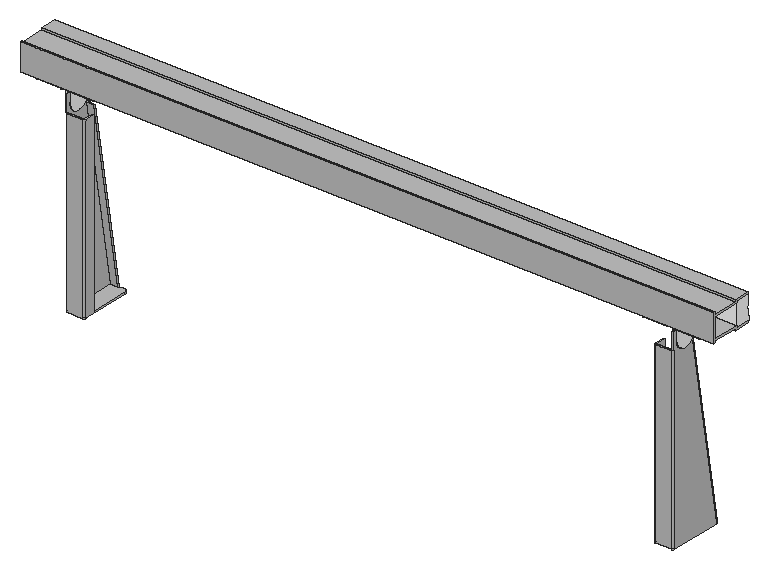
Revit family "4070755+4070746+4070772 Feilo Sylvania Lighting Fixture CURSUS 876MM 577LM WIDE LED 4K with CONTINUOUS WALL HOUSING with 250MM WALL BRACKET", category Lighting Fixtures, host Face, Revit 2017
Family settings
  Host = Face
  Round Connector Dimension = Use Diameter
  Part Type = Normal
  OmniClass Number = 23.80.70.14
  OmniClass Title = Luminaries for External Lighting
  Cut with Voids When Loaded = Yes
  Light Source = No
  Shared = No
  Room Calculation Point = No
Parameters (values of type "4070755 CURSUS 876MM 577LM WIDE LED 4K")
  Weight = "1.7 kg"
  Wattage Comments = "n/a"
  WarrantyStartDate [instance] = "n/a"
  WarrantyGuarantorParts = "n/a"
  WarrantyDurationUnit = "n/a"
  WarrantyDurationParts = "n/a"
  WarrantyDescription = "n/a"
  Voltage = 24 V
  URL = "http://www.sylvania-lighting.com"
  TypeName = "CURSUS 876MM 577LM WIDE LED 4K"
  TypeFixture_FEILO = CURSUS with CONTINUOUS WALL HOUSING : CURSUS 876MM 577LM WIDE LED 4K
  Type Image = <None>
  Type Comments = "n/a"
  TiltAngle [instance] = 0.00°
  StartAngle [instance] = TiltAngle + 270.00°  # 270.00°
  SerialNumber [instance] = "n/a"
  ReflectorMaterial = none
  PowerFactor = 0
  PowerConsumption = "13.5 W"
  NominalLength = 876 mm
  NominalHeight = 50 mm
  NominalDepth = 30 mm
  Name = "CURSUS 876MM 577LM WIDE LED 4K"
  ModelReference = Name  # "CURSUS 876MM 577LM WIDE LED 4K"
  ModelNumber = "4070755"
  Model = Name  # "CURSUS 876MM 577LM WIDE LED 4K"
  Material = "natural anodised extruded aluminium structure housing"
  ManufacturerName = "Feilo Sylvania"
  Manufacturer = "Feilo Sylvania"
  LuminousEfficacy = "42.74 lm/W"
  LuminaireType = ""
  LightOutputRatio = "100"
  LampsType = Lamp  # "LED"
  LampNominalLuminous = "577 lm"
  LampMacAdamStep = "n/a"
  LampColourTemperature = "4000 K"
  LampColourRenderingIndex = "80"
  Lamp = "LED"
  Keynote = "16500"
  InstallationDate [instance] = "n/a"
  InputVoltage = "24V DC"
  InputNominalFrequency = "n/a"
  IngressProtection = "IP67"
  ImpactProtectionIndex = "IK07"
  IfcExportType = "IfcLightFixtureType"
  IfcExportAs = "IfcLightFixtureType"
  ExpectedLife = 50000
  EndAngle [instance] = StartAngle - 180.00°  # 90.00°
  ElectricShockClassification = "Class III"
  DurationUnit = "hours"
  DocumentationLiterature = "http://www.sylvania-lighting.com/product/en-int/products/4070755"
  DimmingControlOptions = "n/a"
  DiffuserMaterial = Diffuser-Sylvania-Glow
  Description = "LED Exterior Lighting Recessed Surface Mounted Linear Fixture, Natural anodised extruded aluminium structure. Die-cast aluminium end caps. Installation kit with harmonic steel springs., 577 lm, 13,5W,  42lm/W, 4000K, CRI80+,non dimmable,IP67, IK07, (HxWxD) 876x50x30mm, 3 step Mac Adam Ellipse, 1.7kg,, Classe III, 21-25V-DC, energy class : A++, A+, A"
  Default Elevation = 1219.2 mm
  CreatedOn = "1/8/2018"
  CreatedBy = ""
  Cost = 0
  built-in parameter 1114216 [instance] = (empty or 0)
  ClassificationValue = "EF_70_80"
  ClassificationName = "Uniclass2015"
  BracketWidth = 24 mm
  BracketThickness = 2 mm
  BracketHeightEnd = 32 mm
  BracketHeight = 70 mm
  BracketFlange = BracketHeight / 5  # 14 mm
  BracketExtension = 250 mm
  BracketEndReduction = 25 mm
  BracketC = 22 mm  # constant formula
  BracketDistance = 745 mm
  BracketD = BracketHeightEnd - (BracketC * (BracketHeight - BracketHeightEnd) / (BracketExtension - BracketEndReduction))  # 28.284 mm
  BodyMaterial = Body-Sylvania-Gray
  BarCode [instance] = "n/a"
  AssetType = "Fixed"
  AssetIdentifier [instance] = "n/a"
  Assembly Code = "D5020200"
  Apparent Load = 13.5 VA
  AccessoryMaterial = Diffuser-Sylvania-Glow
Reference planes
  plane 1 "Center (Front/Back)": y = 0
  plane 2: z = 0
  plane 3 "Center (Left/Right)": x = 0
  plane 4: x = -384.5
  plane 5: x = 384.5
  plane 6: y = 70
  plane 7: x = -360.5
  plane 8: x = 360.5
  plane 9: z = 250
  plane 10: z = 236
  plane 11: z = 2
  plane 12: z = 225
  plane 13: x = -382.5
  plane 14: y = 68
  plane 15: y = 2
  plane 16: x = -362.5
  plane 17: x = 362.5
  plane 18: x = 382.5
  plane 19: x = -372.5
  plane 20: x = 372.5
  plane 21: y = 14
  plane 22: y = 32
  plane 23: y = 30
  plane 24: z = 247
  plane 25: y = 28.284
  plane 26: y = 16
Forms (mm)
  Blend 1, solid, material "Body-Sylvania-Gray" <- "BodyMaterial"
    base sketch origin (1223.4, -4572, 2) x (0, -1, 0) y (1, 0, 0)
      loop
        line (-4640, -1595.9) -> (-4642, -1595.9) -> (-4642, -1605.9)
        arc (-4642, -1605.9) -> (-4641.414, -1607.314) -> (-4640, -1607.9) r 2
        line (-4640, -1607.9) -> (-4574, -1607.9)
        arc (-4574, -1607.9) -> (-4572.586, -1607.314) -> (-4572, -1605.9) r 2
        line (-4572, -1605.9) -> (-4572, -1585.9)
        arc (-4572, -1585.9) -> (-4572.586, -1584.486) -> (-4574, -1583.9) r 2
        line (-4574, -1583.9) -> (-4586, -1583.9) -> (-4586, -1585.9) -> (-4574, -1585.9) -> (-4574, -1605.9) -> (-4640, -1605.9) -> (-4640, -1595.9)
    top sketch origin (1223.4, -4572, 2) x (0, -1, 0) y (1, 0, 0)
      loop
        line (-4586, -1585.9) -> (-4574, -1585.9) -> (-4574, -1605.9) -> (-4602, -1605.9) -> (-4602, -1595.9) -> (-4604, -1595.9) -> (-4604, -1605.9)
        arc (-4604, -1605.9) -> (-4603.52, -1607.21) -> (-4602.309, -1607.9) r 2.028
        line (-4602.309, -1607.9) -> (-4574, -1607.9)
        arc (-4574, -1607.9) -> (-4572.586, -1607.314) -> (-4572, -1605.9) r 2
        line (-4572, -1605.9) -> (-4572, -1585.9)
        arc (-4572, -1585.9) -> (-4572.586, -1584.486) -> (-4574, -1583.9) r 2
        line (-4574, -1583.9) -> (-4586, -1583.9) -> (-4586, -1585.9)
    from 0 to 223
  Extrusion 2, solid, material "Body-Sylvania-Gray" <- "BodyMaterial"
    sketch origin (0, 0, 0) x (1, 0, 0) y (0, 1, 0)
      loop
        arc (-382.5, 70) -> (-383.914, 69.414) -> (-384.5, 68) r 2
        line (-384.5, 68) -> (-384.5, 2)
        arc (-384.5, 2) -> (-383.914, 0.586) -> (-382.5, 0) r 2
        line (-382.5, 0) -> (-362.5, 0)
        arc (-362.5, 0) -> (-361.086, 0.586) -> (-360.5, 2) r 2
        line (-360.5, 2) -> (-360.5, 62.5)
        arc (-360.5, 62.5) -> (-362.697, 67.803) -> (-368, 70) r 7.5
        line (-368, 70) -> (-382.5, 70)
      loop
        line (382.5, 70) -> (368, 70)
        arc (368, 70) -> (362.697, 67.803) -> (360.5, 62.5) r 7.5
        line (360.5, 62.5) -> (360.5, 2)
        arc (360.5, 2) -> (361.086, 0.586) -> (362.5, 0) r 2
        line (362.5, 0) -> (382.5, 0)
        arc (382.5, 0) -> (383.914, 0.586) -> (384.5, 2) r 2
        line (384.5, 2) -> (384.5, 68)
        arc (384.5, 68) -> (383.914, 69.414) -> (382.5, 70) r 2
    from 0 to 2
  Blend 3, solid, material "Body-Sylvania-Gray" <- "BodyMaterial"
    base sketch origin (1223.4, -4572, 2) x (0, -1, 0) y (1, 0, 0)
      loop
        line (-4640, -840.9) -> (-4574, -840.9) -> (-4574, -860.9) -> (-4586, -860.9) -> (-4586, -862.9) -> (-4574, -862.9)
        arc (-4574, -862.9) -> (-4572.586, -862.314) -> (-4572, -860.9) r 2
        line (-4572, -860.9) -> (-4572, -840.9)
        arc (-4572, -840.9) -> (-4572.586, -839.486) -> (-4574, -838.9) r 2
        line (-4574, -838.9) -> (-4640, -838.9)
        arc (-4640, -838.9) -> (-4641.414, -839.486) -> (-4642, -840.9) r 2
        line (-4642, -840.9) -> (-4642, -850.9) -> (-4640, -850.9) -> (-4640, -840.9)
    top sketch origin (1223.4, -4572, 2) x (0, -1, 0) y (1, 0, 0)
      loop
        line (-4602, -850.9) -> (-4602, -840.9) -> (-4574, -840.9) -> (-4574, -860.9) -> (-4586, -860.9) -> (-4586, -862.9) -> (-4574, -862.9)
        arc (-4574, -862.9) -> (-4572.586, -862.314) -> (-4572, -860.9) r 2
        line (-4572, -860.9) -> (-4572, -840.9)
        arc (-4572, -840.9) -> (-4572.586, -839.486) -> (-4574, -838.9) r 2
        line (-4574, -838.9) -> (-4602, -838.9)
        arc (-4602, -838.9) -> (-4603.414, -839.486) -> (-4604, -840.9) r 2
        line (-4604, -840.9) -> (-4604, -850.9) -> (-4602, -850.9)
    from 0 to 223
  Blend 4, solid, material "Body-Sylvania-Gray" <- "BodyMaterial"
    base sketch origin (1223.4, -4572, 225) x (0, -1, 0) y (1, 0, 0)
      loop
        line (-4604, -1607.9) -> (-4572, -1607.9) -> (-4572, -1605.9) -> (-4604, -1605.9) -> (-4604, -1607.9)
    top sketch origin (1223.4, -4572, 225) x (0, -1, 0) y (1, 0, 0)
      loop
        line (-4572, -1607.9) -> (-4572, -1605.9) -> (-4600.284, -1605.9) -> (-4600.284, -1607.9) -> (-4572, -1607.9)
    from 0 to 22
  Blend 5, solid, material "Body-Sylvania-Gray" <- "BodyMaterial"
    base sketch origin (1223.4, -4572, 225) x (0, -1, 0) y (1, 0, 0)
      loop
        line (-4604, -840.9) -> (-4572, -840.9) -> (-4572, -838.9) -> (-4604, -838.9) -> (-4604, -840.9)
    top sketch origin (1223.4, -4572, 225) x (0, -1, 0) y (1, 0, 0)
      loop
        line (-4572, -838.9) -> (-4600.284, -838.9) -> (-4600.284, -840.9) -> (-4572, -840.9) -> (-4572, -838.9)
    from 0 to 22
  Extrusion 6, void
    sketch origin (0, 0, 0) x (0, 1, 0) y (0, 0, 1)
      loop
        line (0, 225) -> (2, 225) -> (2, 226.5) -> (0, 226.5) -> (0, 225)
      loop
        line (32, 225) -> (32, 226.5) -> (30, 226.5) -> (30, 225) -> (32, 225)
    from -384.5 to 384.5
  Revolve 7, solid, not visible
    sketch origin (1524, 16, 1219.2) x (1, 0, 0) y (0, 0, 1)
      loop
        line (-1524, -972.2) -> (-1524, -983.2) -> (-1151.5, -983.2) -> (-1151.5, -972.2) -> (-1524, -972.2)
      axis (-1151.5, -983.2) -> (-1524, -983.2)
    angle from 270 <- "StartAngle" to 90 <- "EndAngle"
Cuts and joins
  Extrusion 6 cuts Blend 4
  Extrusion 6 cuts Blend 5
  joined: Blend 1, Extrusion 2, Blend 3, Blend 4, Blend 5
Lines and regions (mm)
  reference lines, not visible
    curve 1: line (-360.5, 16, 236) -> (360.5, 16, 236)
Dimensions and locks
  equal spacing: plane 4, plane 3 "Center (Left/Right)", plane 5
  "BracketDistance": plane 19 to plane 20
  "BracketHeight": plane 1 "Center (Front/Back)" to plane 6
  equal spacing: plane 7, plane 3 "Center (Left/Right)", plane 8
  "BracketWidth": plane 4 to plane 7
  "BracketExtension": plane 9 to plane 2
  "BracketThickness": plane 11 to plane 2
  "BracketEndReduction": plane 9 to plane 12
  equal spacing: plane 13, plane 3 "Center (Left/Right)", plane 18
  equal spacing: plane 16, plane 3 "Center (Left/Right)", plane 17
  "BracketThickness": plane 4 to plane 13
  "BracketThickness": plane 16 to plane 7
  "BracketThickness": plane 14 to plane 6
  "BracketThickness": plane 1 "Center (Front/Back)" to plane 15
  equal spacing: plane 4, plane 19, plane 7
  equal spacing: plane 8, plane 20, plane 5
  "BracketFlange": plane 1 "Center (Front/Back)" to plane 21
  "BracketHeightEnd": plane 1 "Center (Front/Back)" to plane 22
  "BracketThickness": plane 23 to plane 22
  locked: Extrusion 2 sketch curve to plane 7 at 7.5
  locked: Extrusion 2 sketch curve to plane 6 at 7.5  (x2)
  locked: plane 8 to Extrusion 2 sketch curve at 7.5
  "BracketC": plane 24 to plane 12
  "BracketD": plane 1 "Center (Front/Back)" to plane 25
  locked: plane 12 to Extrusion 6 sketch curve at 1.5
  equal spacing: plane 24, plane 10, plane 12
  equal spacing: plane 1 "Center (Front/Back)", plane 26, plane 22
  aligned and locked: plane 2 to host face
  aligned and locked: level to host face
  aligned and locked: plane 4 to Blend 1 sketch curve  (x2)
  aligned and locked: plane 13 to Blend 1 sketch curve  (x3)
  aligned and locked: Blend 1 sketch curve to plane 15
  aligned and locked: Blend 1 sketch curve to plane 16
  aligned and locked: Blend 1 sketch curve to plane 21
  aligned and locked: plane 7 to Blend 1 sketch curve
  aligned and locked: plane 16 to Blend 1 sketch curve
  aligned and locked: plane 1 "Center (Front/Back)" to Blend 1 sketch curve
  aligned and locked: plane 14 to Blend 1 sketch curve
  aligned and locked: Blend 1 sketch curve to var sketch  (x6)
  aligned and locked: Blend 1 sketch curve to plane 19
  aligned and locked: Blend 1 sketch curve to plane 22
  aligned and locked: plane 23 to Blend 1 sketch curve
  aligned and locked: plane 11 to Blend 1
  aligned and locked: Extrusion 2 sketch curve to Blend 1  (x3)
  aligned and locked: Extrusion 2 to level
  aligned and locked: Extrusion 2 to plane 11
  aligned and locked: Extrusion 2 sketch curve to plane 7
  aligned and locked: plane 18 to Blend 3 sketch curve  (x4)
  aligned and locked: plane 14 to Blend 3 sketch curve  (x2)
  aligned and locked: Blend 3 sketch curve to plane 20
  aligned and locked: Blend 3 sketch curve to plane 6
  aligned and locked: plane 5 to Blend 3 sketch curve
  aligned and locked: plane 1 "Center (Front/Back)" to Blend 3 sketch curve
  aligned and locked: plane 15 to Blend 3 sketch curve  (x2)
  aligned and locked: Blend 3 sketch curve to plane 8
  aligned and locked: Blend 3 sketch curve to plane 21
  aligned and locked: plane 17 to Blend 3 sketch curve
  aligned and locked: Blend 3 sketch curve to plane 18
  aligned and locked: plane 20 to Blend 3 sketch curve  (x2)
  aligned and locked: Blend 3 sketch curve to plane 23
  aligned and locked: Blend 3 sketch curve to var sketch  (x8)
  aligned and locked: var sketch to Blend 3 sketch curve
  aligned and locked: plane 22 to Blend 3 sketch curve
  aligned and locked: plane 11 to Blend 3
  aligned and locked: Extrusion 2 sketch curve to Blend 3  (x4)
  aligned and locked: Blend 1 to plane 12
  aligned and locked: Blend 3 to plane 12
  aligned and locked: Blend 4 sketch curve to plane 22
  aligned and locked: Blend 4 sketch curve to cut or joined group of Blend 1, Extrusion 2, Blend 3, Blend 4, Blend 5, Extrusion 6  (x2)
  aligned and locked: cut or joined group of Blend 1, Extrusion 2, Blend 3, Blend 4, Blend 5, Extrusion 6 to Blend 4 sketch curve
  aligned and locked: Blend 4 sketch curve to var sketch  (x2)
  aligned and locked: Blend 4 sketch curve to plane 13
  aligned and locked: Blend 4 to plane 24
  aligned and locked: Blend 4 sketch curve to plane 25
  aligned and locked: Blend 5 sketch curve to plane 18  (x2)
  aligned and locked: plane 1 "Center (Front/Back)" to Blend 5 sketch curve
  aligned and locked: plane 5 to Blend 5 sketch curve
  aligned and locked: plane 22 to Blend 5 sketch curve
  aligned and locked: Blend 5 sketch curve to var sketch
  aligned and locked: var sketch to Blend 5 sketch curve
  aligned and locked: Blend 5 sketch curve to plane 25
  aligned and locked: Blend 5 to plane 24
  aligned and locked: plane 12 to Blend 5
  aligned and locked: Extrusion 6 sketch curve to cut or joined group of Blend 1, Extrusion 2, Blend 3, Blend 4, Blend 5, Extrusion 6  (x2)
  aligned and locked: Extrusion 6 sketch curve to Extrusion 6 sketch curve
  aligned and locked: Extrusion 6 sketch curve to plane 15
  aligned and locked: plane 5 to Extrusion 6
  aligned and locked: Extrusion 6 to plane 4
  aligned and locked: Extrusion 6 sketch curve to plane 23
  aligned and locked: Revolve 7 sketch curve to plane 10  (x2)
  aligned and locked: plane 24 to Revolve 7 sketch curve
  aligned and locked: plane 3 "Center (Left/Right)" to Revolve 7 sketch curve
  aligned and locked: Revolve 7 sketch curve to plane 20
  aligned and locked: plane 7 to curve 1
  aligned and locked: plane 10 to curve 1
  aligned and locked: nested 1 to plane 5
  aligned and locked: nested 2 to plane 4
  aligned and locked: nested 1 to curve 1
  aligned and locked: nested 2 to curve 1
  aligned and locked: nested 3 to plane 3 "Center (Left/Right)"
  aligned and locked: nested 1 to nested 3
Automatic sketch dimensions
  host sketch curve to host sketch curve = 2438.4 mm  (x2)
  Blend 1 sketch curve to plane 13 = 0 mm
  plane 15 to Blend 1 sketch curve = 0 mm  (x3)
  Blend 1 sketch curve to plane 23 = 0.309 mm
  plane 6 to Blend 1 sketch curve = 0 mm
  plane 14 to Blend 1 sketch curve = 0 mm
  Blend 1 sketch curve to plane 19 = 0 mm
  Blend 3 sketch curve to plane 17 = 0 mm
  Extrusion 6 sketch curve to plane 1 "Center (Front/Back)" = 0 mm
  plane 12 to Extrusion 6 sketch curve = 0 mm
  Revolve 7 sketch curve to plane 4 = 1153 mm
  plane 5 to Revolve 7 sketch curve = 1161.4 mm
  curve 1 to plane 8 = 0 mm
Nested families
  nested 1: "MountingPlate" at (383.5, 16, 236) x (-1, 0, 0) z (0, 0, 1), type "MountingPlate"
  nested 2: "MountingPlate" at (-383.5, 16, 236) x (-1, 0, 0) z (0, 0, 1), type "MountingPlate"
  nested 3: "CURSUS with CONTINUOUS WALL HOUSING" at (0, -4, 254) x (-1, 0, 0) z (0, 0, 1), type <- "TypeFixture_FEILO", type "CURSUS 876MM 577LM WIDE LED 4K"
    with WarrantyStartDate "n/a", SerialNumber "n/a", InstallationDate "n/a", EndCapRight no, EndCapLeft no, built-in parameter 1114216 (empty or 0), BarCode "n/a", AssetIdentifier "n/a"
Connectors
  electrical at (0, 0, 0), driven by "Voltage", driven by "Apparent Load", driven by "PowerFactor"
    settings: index 1, voltage 24 V, apparent load 13.5 VA, apparent load phase1 0 VA, apparent load phase2 0 VA, apparent load phase3 0 VA, power factor 0, load classification "Other", number of poles 1, system type 30, power factor state 1, is connector primary yes, connector utility no, sub classification motor no, connector description ""
Definition of nested family "MountingPlate"
  Parameters (values of type "MountingPlate")
    URL = "http://www.feilosylvania.com"
    Type Comments = "n/a"
    ReflectorMaterial = none
    MountingPlateWidth = 76 mm
    MountingPlateThickness = 2 mm
    MountingPlateRadiusBack = 12 mm
    MountingPlateRadius = 3 mm
    MountingPlateHeight = 35 mm
    Model = "n/a"
    Manufacturer = "Feilo Sylvania"
    Keynote = "n/a"
    DiffuserMaterial = none
    Description = "n/a"
    Default Elevation = 1219.2 mm
    Cost = 0
    BodyMaterial = none
    Assembly Code = "n/a"
    AccessoryMaterial = none
  Reference planes
    plane 1 "Center (Front/Back)": y = 0
    plane 2: z = 0
    plane 3 "Center (Left/Right)": x = 0
    plane 4: x = -38
    plane 5: x = 38
    plane 6: y = 17.5
    plane 7: y = -17.5
    plane 8: x = -3
    plane 9: x = 3
    plane 10: z = 18
    plane 11: z = 16
    plane 12: y = 12.5
    plane 13: y = -12.5
    plane 14: x = -1
    plane 15: x = 1
    plane 16: z = -12.5
    plane 17: z = -14.5
  Forms (mm)
    Extrusion 1, solid
      sketch origin (1.653, 0, 0) x (1, 0, 0) y (0, 1, 0)
        loop
          line (-1219.2, 1219.2) -> (-1219.2, -1219.2) -> (1219.2, -1219.2) -> (1219.2, 1219.2) -> (-1219.2, 1219.2)
      from 0 to -304.8
    Extrusion 2, solid, material <- "BodyMaterial"
      sketch origin (1218.4, -4572, 16) x (0, -1, 0) y (-1, 0, 0)
        loop
          line (-4589.5, 1253.4) -> (-4589.5, 1224.4)
          arc (-4589.5, 1224.4) -> (-4588.621, 1222.279) -> (-4586.5, 1221.4) r 3
          line (-4586.5, 1221.4) -> (-4557.5, 1221.4)
          arc (-4557.5, 1221.4) -> (-4555.379, 1222.279) -> (-4554.5, 1224.4) r 3
          line (-4554.5, 1224.4) -> (-4554.5, 1253.4)
          arc (-4554.5, 1253.4) -> (-4555.379, 1255.521) -> (-4557.5, 1256.4) r 3
          line (-4557.5, 1256.4) -> (-4586.5, 1256.4)
          arc (-4586.5, 1256.4) -> (-4588.621, 1255.521) -> (-4589.5, 1253.4) r 3
        loop
          arc (-4589.5, 1183.4) -> (-4588.621, 1181.279) -> (-4586.5, 1180.4) r 3
          line (-4586.5, 1180.4) -> (-4557.5, 1180.4)
          arc (-4557.5, 1180.4) -> (-4555.379, 1181.279) -> (-4554.5, 1183.4) r 3
          line (-4554.5, 1183.4) -> (-4554.5, 1212.4)
          arc (-4554.5, 1212.4) -> (-4555.379, 1214.521) -> (-4557.5, 1215.4) r 3
          line (-4557.5, 1215.4) -> (-4586.5, 1215.4)
          arc (-4586.5, 1215.4) -> (-4588.621, 1214.521) -> (-4589.5, 1212.4) r 3
          line (-4589.5, 1212.4) -> (-4589.5, 1183.4)
      from 0 to -2
    Extrusion 3, solid, material <- "BodyMaterial"
      sketch origin (0, 0, 0) x (1, 0, 0) y (0, 0, 1)
        loop
          line (-3, 18) -> (-3, -12.5) -> (-1, -12.5) -> (-1, 16)
          arc (-1, 16) -> (-1.586, 17.414) -> (-3, 18) r 2
        loop
          line (3, -12.5) -> (3, 18)
          arc (3, 18) -> (1.586, 17.414) -> (1, 16) r 2
          line (1, 16) -> (1, -12.5) -> (3, -12.5)
      from -12.5 to 12.5
    Extrusion 4, void
      sketch origin (0, 0, 0) x (0, 1, 0) y (0, 0, 1)
        loop
          line (-12.5, -0.5) -> (-17.5, -0.5) -> (-17.5, -14.5) -> (-0.5, -14.5) -> (-0.5, -12.5)
          arc (-0.5, -12.5) -> (-8.985, -8.985) -> (-12.5, -0.5) r 12
        loop
          line (0.5, -12.5) -> (0.5, -14.5) -> (17.5, -14.5) -> (17.5, -0.5) -> (12.5, -0.5)
          arc (12.5, -0.5) -> (8.985, -8.985) -> (0.5, -12.5) r 12
      from -3 to 3
  Cuts and joins
    Extrusion 4 cuts Extrusion 2
    Extrusion 4 cuts Extrusion 3
    joined: Extrusion 2, Extrusion 3
  Lines and regions (mm)
    reference lines
      curve 1: line (-38, 0, 0) -> (38, 0, 0)
  Dimensions and locks
    equal spacing: plane 4, plane 3 "Center (Left/Right)", plane 5
    "MountingPlateWidth": plane 4 to plane 5
    equal spacing: plane 7, plane 1 "Center (Front/Back)", plane 6
    "MountingPlateHeight": plane 7 to plane 6
    equal spacing: plane 8, plane 3 "Center (Left/Right)", plane 9
    "MountingPlateHeight": plane 4 to plane 8
    locked: plane 10 to plane 2 at 18
    "MountingPlateThickness": plane 10 to plane 11
    equal spacing: plane 13, plane 1 "Center (Front/Back)", plane 12
    locked: plane 13 to plane 12 at 25
    "MountingPlateRadius": plane 4 to Extrusion 2 sketch curve  (x2)
    "MountingPlateRadius": Extrusion 2 sketch curve to plane 6  (x4)
    "MountingPlateRadius": Extrusion 2 sketch curve to plane 8  (x2)
    "MountingPlateRadius": plane 7 to Extrusion 2 sketch curve  (x4)
    "MountingPlateRadius": plane 9 to Extrusion 2 sketch curve  (x2)
    "MountingPlateRadius": Extrusion 2 sketch curve to plane 5  (x2)
    equal spacing: plane 15, plane 3 "Center (Left/Right)", plane 14
    "MountingPlateThickness": plane 14 to plane 8
    locked: plane 2 to plane 16 at 12.5
    locked: plane 17 to plane 16 at 2
    "MountingPlateRadiusBack": plane 13 to Extrusion 4 sketch curve
    "MountingPlateRadiusBack": plane 16 to Extrusion 4 sketch curve  (x2)
    "MountingPlateRadiusBack": Extrusion 4 sketch curve to plane 12
    aligned and locked: plane 2 to Extrusion 1
    aligned and locked: level to Extrusion 1
    aligned and locked: Extrusion 2 sketch curve to plane 6
    aligned and locked: Extrusion 2 sketch curve to plane 4
    aligned and locked: plane 7 to Extrusion 2 sketch curve
    aligned and locked: plane 8 to Extrusion 2 sketch curve
    aligned and locked: plane 6 to Extrusion 2 sketch curve
    aligned and locked: Extrusion 2 sketch curve to plane 5
    aligned and locked: Extrusion 2 sketch curve to plane 7
    aligned and locked: plane 9 to Extrusion 2 sketch curve
    aligned and locked: Extrusion 2 to plane 10
    aligned and locked: plane 11 to Extrusion 2
    aligned and locked: Extrusion 3 sketch curve to Extrusion 2  (x2)
    aligned and locked: plane 16 to Extrusion 3 sketch curve  (x2)
    aligned and locked: plane 14 to Extrusion 3 sketch curve
    aligned and locked: plane 9 to Extrusion 3 sketch curve
    aligned and locked: plane 15 to Extrusion 3 sketch curve
    aligned and locked: Extrusion 3 to plane 12
    aligned and locked: plane 13 to Extrusion 3
    aligned and locked: plane 17 to Extrusion 4 sketch curve  (x2)
    aligned and locked: Extrusion 4 sketch curve to plane 7
    aligned and locked: Extrusion 4 sketch curve to plane 6
    aligned and locked: plane 9 to Extrusion 4
    aligned and locked: Extrusion 4 to plane 8
    aligned and locked: plane 4 to curve 1
    aligned and locked: curve 1 to level
  Automatic sketch dimensions
    Extrusion 1 sketch curve to Extrusion 1 sketch curve = 2438.4 mm  (x2)
    Extrusion 3 sketch curve to plane 11 = 0 mm
    curve 1 to plane 5 = 0 mm
    Extrusion 4 sketch curve to plane 13 = 0 mm
    Extrusion 4 sketch curve to plane 12 = 0 mm
Definition of nested family "CURSUS with CONTINUOUS WALL HOUSING"
  Parameters (values of type "CURSUS 1161MM 827LM OVAL LED 3K")
    Width_FEILO = 35 mm
    Weight = "2.2 kg"
    Wattage Comments = "n/a"
    Wattage = 18 W
    WarrantyStartDate [instance] = "n/a"
    WarrantyGuarantorParts = "n/a"
    WarrantyDurationUnit = "n/a"
    WarrantyDurationParts = "n/a"
    WarrantyDescription = "n/a"
    WallThickness_FEILO = 2.5 mm
    built-in parameter 1150110 = 1 (stored number, unit not read)
    Voltage = 24 V
    URL = "http://www.feilosylvania.com"
    TypeName = "CURSUS 1161MM 827LM OVAL LED 3K"
    Type Image = (empty or 0)
    Type Comments = "n/a"
    built-in parameter 1114217 = 1 (stored number, unit not read)
    Tilt Angle = -90.00°
    built-in parameter 1150109 = 1 (stored number, unit not read)
    built-in parameter 1150134 = (empty or 0)
    built-in parameter 1150113 = 1 (stored number, unit not read)
    SerialNumber [instance] = "n/a"
    ReflectorMaterial = none
    PowerFactor = 0
    PowerConsumption = "18 W"
    Photometric Web File = "4070765.ies"
    NominalLength = 1161 mm
    NominalHeight = 50 mm
    NominalDepth = 30 mm
    Name = "CURSUS 1161MM 827LM OVAL LED 3K"
    ModelReference = Name  # "CURSUS 1161MM 827LM OVAL LED 3K"
    ModelNumber = ""
    Model = Name  # "CURSUS 1161MM 827LM OVAL LED 3K"
    Material = "natural anodised extruded aluminium structure housing, optical system with pmma lenses diffuser"
    ManufacturerName = "Feilo Sylvania"
    Manufacturer = "Feilo Sylvania"
    LuminousEfficacy = "45.94 lm/W"
    built-in parameter 1150105 = 65.811 (stored number, unit not read)
    Lumens = 827 lm
    LuminaireType = ""
    built-in parameter 1150115 = 1 (stored number, unit not read)
    LightOutputRatio = "100"
    built-in parameter 1150137 = (empty or 0)
    built-in parameter 1150139 = (empty or 0)
    Length_FEILO = 1167 mm
    LampsType = Lamp  # "LED"
    LampNominalLuminous = "827 lm"
    LampMacAdamStep = "n/a"
    LampColourTemperature = "3000 K"
    LampColourRenderingIndex = "80"
    built-in parameter 1150112 = 1 (stored number, unit not read)
    built-in parameter 1150114 = 1 (stored number, unit not read)
    Lamp = "LED"
    Keynote = "16500"
    InstallationDate [instance] = "n/a"
    InputVoltage = "24V DC"
    InputNominalFrequency = "n/a"
    built-in parameter 1150132 = (empty or 0)
    built-in parameter 1150102 = (empty or 0)
    built-in parameter 1150107 = 3000 (stored number, unit not read)
    built-in parameter 1150138 = (empty or 0)
    IngressProtection = "IP67"
    ImpactProtectionIndex = "IK07"
    built-in parameter 1150106 = 0.65811 (stored number, unit not read)
    IfcExportType = "IfcLightFixtureType"
    IfcExportAs = "IfcLightFixtureType"
    ExpectedLife = 50000
    EndCapRight [instance] = no
    EndCapLeft [instance] = no
    Emit from Rectangle Width = Width_FEILO - WallThickness_FEILO * 2  # 30 mm
    Emit from Rectangle Length = Length_FEILO - WallThickness_FEILO * 2  # 1162 mm
    Emit Shape Visible in Rendering = no
    ElectricShockClassification = "Class III"
    built-in parameter 1150104 = 4.2684 (stored number, unit not read)
    DurationUnit = "hours"
    DocumentationLiterature = "http://www.feilosylvania.com/product/en-int/products/4070765"
    DimmingControlOptions = "n/a"
    Dimming Lamp Color Temperature Shift = (empty or 0)
    DiffuserMaterial = none
    Description = "LED Exterior Lighting Recessed Surface Mounted Linear Fixture, Natural anodised extruded aluminium structure. Die-cast aluminium end caps. Installation kit with harmonic steel springs., 827 lm, 18W, 45lm/W, 3000K, CRI80+,non dimmable,IP67, IK07, (HxWxD) 1161x50x30mm, 3 step Mac Adam Ellipse, 2.2kg,, Classe III, 21-25V-DC, energy class : A++, A+, A"
    Default Elevation = 1219.2 mm
    CreatedOn = "1/8/2018"
    CreatedBy = "aron.fodor@feilosylvania.com"
    Cost = 0
    Color Filter = 16777215
    built-in parameter 1114216 [instance] = (empty or 0)
    ClassificationValue = "EF_70_80"
    ClassificationName = "Uniclass2015"
    BodyMaterial = none
    BarCode [instance] = "n/a"
    built-in parameter 1114218 = 1 (stored number, unit not read)
    built-in parameter 1150133 = 10 (stored number, unit not read)
    AssetType = "Fixed"
    AssetIdentifier [instance] = "n/a"
    Assembly Code = "D5020200"
    Apparent Load = 18 VA
    AccessoryMaterial = none
  Types (16, lengths in mm): name | Weight | Wattage | Voltage | TypeName | built-in parameter 1150134 | PowerConsumption | Photometric Web File | NominalLength | Name | ModelReference | Model | Material | LuminousEfficacy | built-in parameter 1150105 | Lumens | Length_FEILO | LampNominalLuminous | LampColourTemperature | InputVoltage | InputNominalFrequency | built-in parameter 1150107 | built-in parameter 1150106 | Emit from Rectangle Length | built-in parameter 1150104 | DocumentationLiterature | Description | Apparent Load
    CURSUS 1161MM 827LM OVAL LED 3K | "2.2 kg" | 18 W | 24 V | "CURSUS 1161MM 827LM OVAL LED 3K" | (empty or 0) | "18 W" | "4070765.ies" | 1161 | "CURSUS 1161MM 827LM OVAL LED 3K" | "CURSUS 1161MM 827LM OVAL LED 3K" | "CURSUS 1161MM 827LM OVAL LED 3K" | "natural anodised extruded aluminium structure housing, optical system with pmma lenses diffuser" | "45.94 lm/W" | 65.811 (stored number, unit not read) | 827 lm | 1167 | "827 lm" | "3000 K" | "24V DC" | "n/a" | 3000 (stored number, unit not read) | 0.65811 (stored number, unit not read) | 1162 | 4.2684 (stored number, unit not read) | "http://www.feilosylvania.com/product/en-int/products/4070765" | "LED Exterior Lighting Recessed Surface Mounted Linear Fixture, Natural anodised extruded aluminium structure. Die-cast aluminium end caps. Installation kit with harmonic steel springs., 827 lm, 18W, 45lm/W, 3000K, CRI80+,non dimmable,IP67, IK07, (HxWxD) 1161x50x30mm, 3 step Mac Adam Ellipse, 2.2kg,, Classe III, 21-25V-DC, energy class : A++, A+, A" | 18 VA
    CURSUS 1161MM 731LM WIDE LED 3K | "2.2 kg" | 18 W | 230 V | "CURSUS 1161MM 731LM WIDE LED 3K" | (empty or 0) | "18 W" | "4070764.ies" | 1161 | "CURSUS 1161MM 731LM WIDE LED 3K" | "CURSUS 1161MM 731LM WIDE LED 3K" | "CURSUS 1161MM 731LM WIDE LED 3K" | "natural anodised extruded aluminium structure housing" | "40.61 lm/W" | 58.171 (stored number, unit not read) | 731 lm | 1167 | "731 lm" | "3000 K" | "220-240V~" | "n/a" | 3000 (stored number, unit not read) | 0.58171 (stored number, unit not read) | 1162 | 3.7729 (stored number, unit not read) | "http://www.feilosylvania.com/product/en-int/products/4070764" | "LED Exterior Lighting Recessed Surface Mounted Linear Fixture, Natural anodised extruded aluminium structure. Die-cast aluminium end caps. Installation kit with harmonic steel springs., 731 lm, 18W, 40lm/W, 3000K, CRI80+,non dimmable,IP67, IK07, (HxWxD) 1161x50x30mm, 3 step Mac Adam Ellipse, 2.2kg,, Classe III, 21-25V-DC, energy class : A++, A+, A" | 18 VA
    CURSUS 1161MM 871LM OVAL LED 4K | "2.2 kg" | 18 W | 24 V | "CURSUS 1161MM 871LM OVAL LED 4K" | 12 | "18 W" | "4070763.ies" | 1161 | "CURSUS 1161MM 871LM OVAL LED 4K" | "CURSUS 1161MM 871LM OVAL LED 4K" | "CURSUS 1161MM 871LM OVAL LED 4K" | "natural anodised extruded aluminium structure housing, optical system with pmma lenses diffuser" | "48.38 lm/W" | 69.312 (stored number, unit not read) | 871 lm | 1167 | "871 lm" | "4000 K" | "24V DC" | "50/60 Hz" | 4000 (stored number, unit not read) | 0.69312 (stored number, unit not read) | 1162 | 4.4955 (stored number, unit not read) | "http://www.feilosylvania.com/product/en-int/products/4070763" | "LED Exterior Lighting Recessed Surface Mounted Linear Fixture, Natural anodised extruded aluminium structure. Die-cast aluminium end caps. Installation kit with harmonic steel springs., 871 lm, 18W,  48lm/W, 4000K, CRI80+,non dimmable,IP67, IK07, (HxWxD) 1161x50x30mm, 3 step Mac Adam Ellipse, 2.2kg,, Classe III, 21-25V-DC, energy class : A++, A+, A" | 18 VA
    CURSUS 1161MM 770LM WIDE LED 4K | "2.2 kg" | 18 W | 230 V | "CURSUS 1161MM 770LM WIDE LED 4K" | 12 | "18 W" | "4070762.ies" | 1161 | "CURSUS 1161MM 770LM WIDE LED 4K" | "CURSUS 1161MM 770LM WIDE LED 4K" | "CURSUS 1161MM 770LM WIDE LED 4K" | "natural anodised extruded aluminium structure housing" | "42.77 lm/W" | 61.275 (stored number, unit not read) | 770 lm | 1167 | "770 lm" | "4000 K" | "220-240V~" | "n/a" | 4000 (stored number, unit not read) | 0.61275 (stored number, unit not read) | 1162 | 3.9742 (stored number, unit not read) | "http://www.feilosylvania.com/product/en-int/products/4070762" | "LED Exterior Lighting Recessed Surface Mounted Linear Fixture, Natural anodised extruded aluminium structure. Die-cast aluminium end caps. Installation kit with harmonic steel springs., 770 lm, 18W,  42lm/W, 4000K, CRI80+,non dimmable,IP67, IK07, (HxWxD) 1161x50x30mm, 3 step Mac Adam Ellipse, 2.2kg,, Classe III, 21-25V-DC, energy class : A++, A+, A" | 18 VA
    CURSUS 876MM 620LM OVAL LED 3K | "1.7 kg" | 13.5 W | 24 V | "CURSUS 876MM 620LM OVAL LED 3K" | (empty or 0) | "13.5 W" | "4070758.ies" | 876 | "CURSUS 876MM 620LM OVAL LED 3K" | "CURSUS 876MM 620LM OVAL LED 3K" | "CURSUS 876MM 620LM OVAL LED 3K" | "natural anodised extruded aluminium structure housing, optical system with pmma lenses diffuser" | "45.92 lm/W" | 49.338 (stored number, unit not read) | 620 lm | 882 | "620 lm" | "3000 K" | "24V DC" | "50/60 Hz" | 3000 (stored number, unit not read) | 0.49338 (stored number, unit not read) | 877 | 4.2667 (stored number, unit not read) | "http://www.feilosylvania.com/product/en-int/products/4070758" | "LED Exterior Lighting Recessed Surface Mounted Linear Fixture, Natural anodised extruded aluminium structure. Die-cast aluminium end caps. Installation kit with harmonic steel springs., 620 lm, 13,5W, 45lm/W, 3000K, CRI80+,non dimmable,IP67, IK07, (HxWxD) 876x50x30mm, 3 step Mac Adam Ellipse, 1.7kg,, Classe III, 21-25V-DC, energy class : A++, A+, A" | 13.5 VA
    CURSUS 876MM 548LM WIDE LED 3K | "1.7 kg" | 13.5 W | 24 V | "CURSUS 876MM 548LM WIDE LED 3K" | (empty or 0) | "13.5 W" | "4070757.ies" | 876 | "CURSUS 876MM 548LM WIDE LED 3K" | "CURSUS 876MM 548LM WIDE LED 3K" | "CURSUS 876MM 548LM WIDE LED 3K" | "natural anodised extruded aluminium structure housing" | "40.59 lm/W" | 43.608 (stored number, unit not read) | 548 lm | 882 | "548 lm" | "3000 K" | "24V DC" | "n/a" | 3000 (stored number, unit not read) | 0.43608 (stored number, unit not read) | 877 | 3.7712 (stored number, unit not read) | "http://www.feilosylvania.com/product/en-int/products/4070757" | "LED Exterior Lighting Recessed Surface Mounted Linear Fixture, Natural anodised extruded aluminium structure. Die-cast aluminium end caps. Installation kit with harmonic steel springs., 548 lm, 13,5W, 40lm/W, 3000K, CRI80+,non dimmable,IP67, IK07, (HxWxD) 876x50x30mm, 3 step Mac Adam Ellipse, 1.7kg,, Classe III, 21-25V-DC, energy class : A++, A+, A" | 13.5 VA
    CURSUS 876MM 653LM OVAL LED 4K | "1.7 kg" | 13.5 W | 24 V | "CURSUS 876MM 653LM OVAL LED 4K" | 12 | "13.5 W" | "4070756.ies" | 876 | "CURSUS 876MM 653LM OVAL LED 4K" | "CURSUS 876MM 653LM OVAL LED 4K" | "CURSUS 876MM 653LM OVAL LED 4K" | "natural anodised extruded aluminium structure housing, optical system with pmma lenses diffuser" | "48.37 lm/W" | 51.964 (stored number, unit not read) | 653 lm | 882 | "653 lm" | "4000 K" | "24V DC" | "n/a" | 4000 (stored number, unit not read) | 0.51964 (stored number, unit not read) | 877 | 4.4938 (stored number, unit not read) | "http://www.feilosylvania.com/product/en-int/products/4070756" | "LED Exterior Lighting Recessed Surface Mounted Linear Fixture, Natural anodised extruded aluminium structure. Die-cast aluminium end caps. Installation kit with harmonic steel springs., 653 lm, 13,5W,  48lm/W, 4000K, CRI80+,non dimmable,IP67, IK07, (HxWxD) 876x50x30mm, 3 step Mac Adam Ellipse, 1.7kg,, Classe III, 21-25V-DC, energy class : A++, A+, A" | 13.5 VA
    CURSUS 876MM 577LM WIDE LED 4K | "1.7 kg" | 13.5 W | 24 V | "CURSUS 876MM 577LM WIDE LED 4K" | 12 | "13.5 W" | "4070755.ies" | 876 | "CURSUS 876MM 577LM WIDE LED 4K" | "CURSUS 876MM 577LM WIDE LED 4K" | "CURSUS 876MM 577LM WIDE LED 4K" | "natural anodised extruded aluminium structure housing" | "42.74 lm/W" | 45.916 (stored number, unit not read) | 577 lm | 882 | "577 lm" | "4000 K" | "24V DC" | "n/a" | 4000 (stored number, unit not read) | 0.45916 (stored number, unit not read) | 877 | 3.9707 (stored number, unit not read) | "http://www.feilosylvania.com/product/en-int/products/4070755" | "LED Exterior Lighting Recessed Surface Mounted Linear Fixture, Natural anodised extruded aluminium structure. Die-cast aluminium end caps. Installation kit with harmonic steel springs., 577 lm, 13,5W,  42lm/W, 4000K, CRI80+,non dimmable,IP67, IK07, (HxWxD) 876x50x30mm, 3 step Mac Adam Ellipse, 1.7kg,, Classe III, 21-25V-DC, energy class : A++, A+, A" | 13.5 VA
    CURSUS 591MM 414LM OVAL LED 3K | "1.2 kg" | 9 W | 24 V | "CURSUS 591MM 414LM OVAL LED 3K" | (empty or 0) | "9 W" | "4070751.ies" | 591 | "CURSUS 591MM 414LM OVAL LED 3K" | "CURSUS 591MM 414LM OVAL LED 3K" | "CURSUS 591MM 414LM OVAL LED 3K" | "natural anodised extruded aluminium structure housing, optical system with pmma lenses diffuser" | "46 lm/W" | 32.945 (stored number, unit not read) | 414 lm | 597 | "414 lm" | "3000 K" | "24V DC" | "n/a" | 3000 (stored number, unit not read) | 0.32945 (stored number, unit not read) | 592 | 4.2735 (stored number, unit not read) | "http://www.feilosylvania.com/product/en-int/products/4070751" | "LED Exterior Lighting Recessed Surface Mounted Linear Fixture, Natural anodised extruded aluminium structure. Die-cast aluminium end caps. Installation kit with harmonic steel springs., 414 lm, 9W, 46lm/W, 3000K, CRI80+,non dimmable,IP67, IK07, (HxWxD) 591x50x30mm, 3 step Mac Adam Ellipse, 1.2kg,, Classe III, 21-25V-DC, energy class : A++, A+, A" | 9 VA
    CURSUS 591MM 365LM WIDE LED 3K | "1.2 kg" | 9 W | 24 V | "CURSUS 591MM 365LM WIDE LED 3K" | (empty or 0) | "9 W" | "4070750.ies" | 591 | "CURSUS 591MM 365LM WIDE LED 3K" | "CURSUS 591MM 365LM WIDE LED 3K" | "CURSUS 591MM 365LM WIDE LED 3K" | "natural anodised extruded aluminium structure housing" | "40.55 lm/W" | 29.046 (stored number, unit not read) | 365 lm | 597 | "365 lm" | "3000 K" | "24V DC" | "n/a" | 3000 (stored number, unit not read) | 0.29046 (stored number, unit not read) | 592 | 3.7677 (stored number, unit not read) | "http://www.feilosylvania.com/product/en-int/products/4070750" | "LED Exterior Lighting Recessed Surface Mounted Linear Fixture, Natural anodised extruded aluminium structure. Die-cast aluminium end caps. Installation kit with harmonic steel springs., 365 lm, 9W, 40lm/W, 3000K, CRI80+,non dimmable,IP67, IK07, (HxWxD) 591x50x30mm, 3 step Mac Adam Ellipse, 1.2kg,, Classe III, 21-25V-DC, energy class : A++, A+, A" | 9 VA
    CURSUS 591MM 435LM OVAL LED 4K | "1.2 kg" | 9 W | 24 V | "CURSUS 591MM 435LM OVAL LED 4K" | 12 | "9 W" | "4070749.ies" | 591 | "CURSUS 591MM 435LM OVAL LED 4K" | "CURSUS 591MM 435LM OVAL LED 4K" | "CURSUS 591MM 435LM OVAL LED 4K" | "natural anodised extruded aluminium structure housing, optical system with pmma lenses diffuser" | "48.33 lm/W" | 34.616 (stored number, unit not read) | 435 lm | 597 | "435 lm" | "4000 K" | "24V DC" | "n/a" | 4000 (stored number, unit not read) | 0.34616 (stored number, unit not read) | 592 | 4.4903 (stored number, unit not read) | "http://www.feilosylvania.com/product/en-int/products/4070749" | "LED Exterior Lighting Recessed Surface Mounted Linear Fixture, Natural anodised extruded aluminium structure. Die-cast aluminium end caps. Installation kit with harmonic steel springs., 435 lm, 9W, 48lm/W, 4000K, CRI80+,non dimmable,IP67, IK07, (HxWxD) 591x50x30mm, 3 step Mac Adam Ellipse, 1.2kg,, Classe III, 21-25V-DC, energy class : A++, A+, A" | 9 VA
    CURSUS 591MM 385LM WIDE LED 4K | "1.2 kg" | 9 W | 24 V | "CURSUS 591MM 385LM WIDE LED 4K" | 12 | "9 W" | "4070748.ies" | 591 | "CURSUS 591MM 385LM WIDE LED 4K" | "CURSUS 591MM 385LM WIDE LED 4K" | "CURSUS 591MM 385LM WIDE LED 4K" | "natural anodised extruded aluminium structure housing" | "42.77 lm/W" | 30.637 (stored number, unit not read) | 385 lm | 597 | "385 lm" | "4000 K" | "24V DC" | "n/a" | 4000 (stored number, unit not read) | 0.30637 (stored number, unit not read) | 592 | 3.9742 (stored number, unit not read) | "http://www.feilosylvania.com/product/en-int/products/4070748" | "LED Exterior Lighting Recessed Surface Mounted Linear Fixture, Natural anodised extruded aluminium structure. Die-cast aluminium end caps. Installation kit with harmonic steel springs., 385 lm, 9W,  42lm/W, 4000K, CRI80+,non dimmable,IP67, IK07, (HxWxD) 591x50x30mm, 3 step Mac Adam Ellipse, 1.2kg,, Classe III, 21-25V-DC, energy class : A++, A+, A" | 9 VA
    CURSUS 306MM 207LM OVAL LED3K | "0.6 kg" | 4.5 W | 24 V | "CURSUS 306MM 207LM OVAL LED3K" | (empty or 0) | "4.5 W" | "4070744.ies" | 306 | "CURSUS 306MM 207LM OVAL LED3K" | "CURSUS 306MM 207LM OVAL LED3K" | "CURSUS 306MM 207LM OVAL LED3K" | "natural anodised extruded aluminium structure housing, optical system with pmma lenses diffuser" | "46 lm/W" | 16.473 (stored number, unit not read) | 207 lm | 312 | "207 lm" | "3000 K" | "24V DC" | "n/a" | 3000 (stored number, unit not read) | 0.16473 (stored number, unit not read) | 307 | 4.2735 (stored number, unit not read) | "http://www.feilosylvania.com/product/en-int/products/4070744" | "LED Exterior Lighting Recessed Surface Mounted Linear Fixture, Natural anodised extruded aluminium structure. Die-cast aluminium end caps. Installation kit with harmonic steel springs., 207 lm, 4,5W, 46lm/W, 3000K, CRI80+,non dimmable,IP67, IK07, (HxWxD) 306x50x30mm, 3 step Mac Adam Ellipse, 0.6kg,, Classe III, 21-25V-DC, energy class : A++, A+, A" | 4.5 VA
    CURSUS 306MM 183LM WIDE LED 3K | "0.6 kg" | 4.5 W | 24 V | "CURSUS 306MM 183LM WIDE LED 3K" | (empty or 0) | "4.5 W" | "4070743.ies" | 306 | "CURSUS 306MM 183LM WIDE LED 3K" | "CURSUS 306MM 183LM WIDE LED 3K" | "CURSUS 306MM 183LM WIDE LED 3K" | "natural anodised extruded aluminium structure housing" | "40.66 lm/W" | 14.563 (stored number, unit not read) | 183 lm | 312 | "183 lm" | "3000 K" | "24V DC" | "n/a" | 3000 (stored number, unit not read) | 0.14563 (stored number, unit not read) | 307 | 3.7781 (stored number, unit not read) | "http://www.feilosylvania.com/product/en-int/products/4070743" | "LED Exterior Lighting Recessed Surface Mounted Linear Fixture, Natural anodised extruded aluminium structure. Die-cast aluminium end caps. Installation kit with harmonic steel springs., 183 lm, 4,5W, 40lm/W, 3000K, CRI80+,non dimmable,IP67, IK07, (HxWxD) 306x50x30mm, 3 step Mac Adam Ellipse, 0.6kg,, Classe III, 21-25V-DC, energy class : A++, A+, A" | 4.5 VA
    CURSUS 306MM 218LM OVAL LED 4K | "0.6 kg" | 4.5 W | 24 V | "CURSUS 306MM 218LM OVAL LED 4K" | 12 | "4.5 W" | "4070742.ies" | 306 | "CURSUS 306MM 218LM OVAL LED 4K" | "CURSUS 306MM 218LM OVAL LED 4K" | "CURSUS 306MM 218LM OVAL LED 4K" | "natural anodised extruded aluminium structure housing, optical system with pmma lenses diffuser" | "48.44 lm/W" | 17.348 (stored number, unit not read) | 218 lm | 312 | "218 lm" | "4000 K" | "24V DC" | "n/a" | 4000 (stored number, unit not read) | 0.17348 (stored number, unit not read) | 307 | 4.5006 (stored number, unit not read) | "http://www.feilosylvania.com/product/en-int/products/4070742" | "LED Exterior Lighting Recessed Surface Mounted Linear Fixture, Natural anodised extruded aluminium structure. Die-cast aluminium end caps. Installation kit with harmonic steel springs., 218 lm, 4,5W,  48lm/W, 4000K, CRI80+,non dimmable,IP67, IK07, (HxWxD) 306x50x30mm, 3 step Mac Adam Ellipse, 0.6kg,, Classe III, 21-25V-DC, energy class : A++, A+, A" | 4.5 VA
    CURSUS 306MM 192LM WIDE LED 4K | "0.6 kg" | 4.5 W | 24 V | "CURSUS 306MM 192LM WIDE LED 4K" | 12 | "4.5 W" | "4070741.ies" | 306 | "CURSUS 306MM 192LM WIDE LED 4K" | "CURSUS 306MM 192LM WIDE LED 4K" | "CURSUS 306MM 192LM WIDE LED 4K" | "natural anodised extruded aluminium structure housing" | "42.66 lm/W" | 15.279 (stored number, unit not read) | 192 lm | 312 | "192 lm" | "4000 K" | "24V DC" | "n/a" | 4000 (stored number, unit not read) | 0.15279 (stored number, unit not read) | 307 | 3.9639 (stored number, unit not read) | "http://www.feilosylvania.com/product/en-int/products/4070741" | "LED Exterior Lighting Recessed Surface Mounted Linear Fixture, Natural anodised extruded aluminium structure. Die-cast aluminium end caps. Installation kit with harmonic steel springs., 192 lm, 4,5W,  42lm/W, 4000K, CRI80+,non dimmable,IP67, IK07, (HxWxD) 306x50x30mm, 3 step Mac Adam Ellipse, 0.6kg,, Classe III, 21-25V-DC, energy class : A++, A+, A" | 4.5 VA
  Reference planes
    plane 1 "Center (Front/Back)": y = 0
    plane 2: z = 0
    plane 3 "Center (Left/Right)": x = 0
    plane 4: x = 583.5
    plane 5: x = -583.5
    plane 6: x = -581
    plane 7: x = 581
    plane 8: z = 35
    plane 9: z = 17.5
    plane 10: z = 32.5
    plane 11: z = 2.5
    plane 12: z = 30
    plane 13: z = 5
    plane 14: y = -55
    plane 15: y = -53
    plane 16: y = -2.5
    plane 17: y = -37
    plane 18: y = -34.5
  Forms (mm)
    Extrusion 1, solid
      sketch origin (4.2, 0, 0) x (1, 0, 0) y (0, 1, 0)
        loop
          line (-1219.2, 1219.2) -> (-1219.2, -1219.2) -> (1219.2, -1219.2) -> (1219.2, 1219.2) -> (-1219.2, 1219.2)
      from 0 to -304.8
    Extrusion 2, solid, material <- "BodyMaterial"
      sketch origin (0, 0, 0) x (0, 1, 0) y (0, 0, 1)
        loop
          line (0, 35) -> (-2.5, 35) -> (-2.5, 32.5) -> (-34.5, 32.5) -> (-34.5, 35) -> (-55, 35) -> (-55, 32.5) -> (-37, 32.5) -> (-37, 30) -> (-2.5, 30) -> (-2.5, 5) -> (-37, 5) -> (-37, 2.5) -> (-55, 2.5) -> (-55, 0) -> (-34.5, 0) -> (-34.5, 2.5) -> (-2.5, 2.5) -> (-2.5, 0) -> (0, 0) -> (0, 35)
      from -581 to 581
    Extrusion 3, solid, material <- "DiffuserMaterial"
      sketch origin (0, 0, 0) x (0, 1, 0) y (0, 0, 1)
        loop
          line (-37, 32.5) -> (-55, 32.5) -> (-55, 19.5) -> (-53, 17.5) -> (-55, 15.5) -> (-55, 2.5) -> (-37, 2.5) -> (-37, 32.5)
      from -581 to 581
    Extrusion 4, solid, material <- "BodyMaterial", visible <- "EndCapRight"
      sketch origin (581, 1524, 1219.2) x (0, 1, 0) y (0, 0, 1)
        loop
          line (-1579, -1184.2) -> (-1579, -1219.2) -> (-1524, -1219.2) -> (-1524, -1184.2) -> (-1579, -1184.2)
      from 0 to 2.5
    Extrusion 5, solid, material <- "BodyMaterial", visible <- "EndCapLeft"
      sketch origin (-581, 1524, 1219.2) x (0, 1, 0) y (0, 0, 1)
        loop
          line (-1579, -1184.2) -> (-1579, -1219.2) -> (-1524, -1219.2) -> (-1524, -1184.2) -> (-1579, -1184.2)
      from -2.5 to 0
  Dimensions and locks
    equal spacing: plane 5, plane 3 "Center (Left/Right)", plane 4
    "Length_FEILO": plane 5 to plane 4
    equal spacing: plane 6, plane 3 "Center (Left/Right)", plane 7
    "WallThickness_FEILO": plane 5 to plane 6
    locked: plane 9 to plane 2 at 17.5
    locked: plane 8 to plane 2 at 35
    equal spacing: plane 11, plane 9, plane 10
    equal spacing: plane 13, plane 9, plane 12
    "WallThickness_FEILO": plane 12 to plane 10
    locked: plane 14 to plane 15 at 2
    locked: plane 14 to plane 17 at 18
    "WallThickness_FEILO": plane 17 to plane 18
    "WallThickness_FEILO": plane 16 to plane 1 "Center (Front/Back)"
    locked: plane 15 to Extrusion 3 sketch curve (angle 45.00°)
    locked: Extrusion 3 sketch curve to plane 15 (angle 45.00°)
    aligned and locked: plane 2 to Extrusion 1
    aligned and locked: level to Extrusion 1
    aligned and locked: plane 1 "Center (Front/Back)" to Extrusion 2 sketch curve
    aligned and locked: Extrusion 2 sketch curve to plane 8  (x2)
    aligned and locked: plane 16 to Extrusion 2 sketch curve
    aligned and locked: Extrusion 1 to Extrusion 2 sketch curve
    aligned and locked: Extrusion 2 sketch curve to plane 16  (x2)
    aligned and locked: Extrusion 2 sketch curve to plane 11
    aligned and locked: plane 18 to Extrusion 2 sketch curve
    aligned and locked: level to Extrusion 2 sketch curve
    aligned and locked: plane 11 to Extrusion 2 sketch curve
    aligned and locked: Extrusion 2 sketch curve to plane 17
    aligned and locked: plane 13 to Extrusion 2 sketch curve
    aligned and locked: Extrusion 2 sketch curve to plane 12
    aligned and locked: plane 10 to Extrusion 2 sketch curve  (x2)
    aligned and locked: plane 17 to Extrusion 2 sketch curve  (x2)
    aligned and locked: plane 12 to Extrusion 2 sketch curve
    aligned and locked: Extrusion 2 sketch curve to plane 10
    aligned and locked: Extrusion 2 sketch curve to plane 18
    aligned and locked: plane 7 to Extrusion 2
    aligned and locked: Extrusion 2 to plane 6
    aligned and locked: Extrusion 3 sketch curve to Extrusion 2  (x4)
    aligned and locked: Extrusion 2 to Extrusion 3 sketch curve
    aligned and locked: plane 9 to Extrusion 3 sketch curve
    aligned and locked: plane 7 to Extrusion 3
    aligned and locked: Extrusion 3 to plane 6
    aligned and locked: Extrusion 4 sketch curve to Extrusion 2  (x4)
    aligned and locked: plane 4 to Extrusion 4
    aligned and locked: Extrusion 4 to plane 7
    aligned and locked: Extrusion 5 sketch curve to Extrusion 4  (x3)
    aligned and locked: Extrusion 5 sketch curve to Extrusion 2
    aligned and locked: Extrusion 5 to plane 5
    aligned and locked: plane 6 to Extrusion 5
    aligned and locked: plane 14 to imposter light
    aligned and locked: imposter light to plane 9
    aligned and locked: plane 3 "Center (Left/Right)" to imposter light
  Automatic sketch dimensions
    Extrusion 1 sketch curve to Extrusion 1 sketch curve = 2438.4 mm  (x2)
    Extrusion 2 sketch curve to plane 14 = 0 mm  (x2)
    Extrusion 3 sketch curve to plane 15 = 0 mm
  Connectors
    electrical at (0, 0, 0), driven by "Apparent Load", driven by "PowerFactor", driven by "Voltage"
      settings: index 1, voltage 24 V, apparent load 18 VA, apparent load phase1 0 VA, apparent load phase2 0 VA, apparent load phase3 0 VA, power factor 0, load classification none, number of poles 1, system type 30, power factor state 1, is connector primary yes, connector utility no, sub classification motor no, connector description ""
